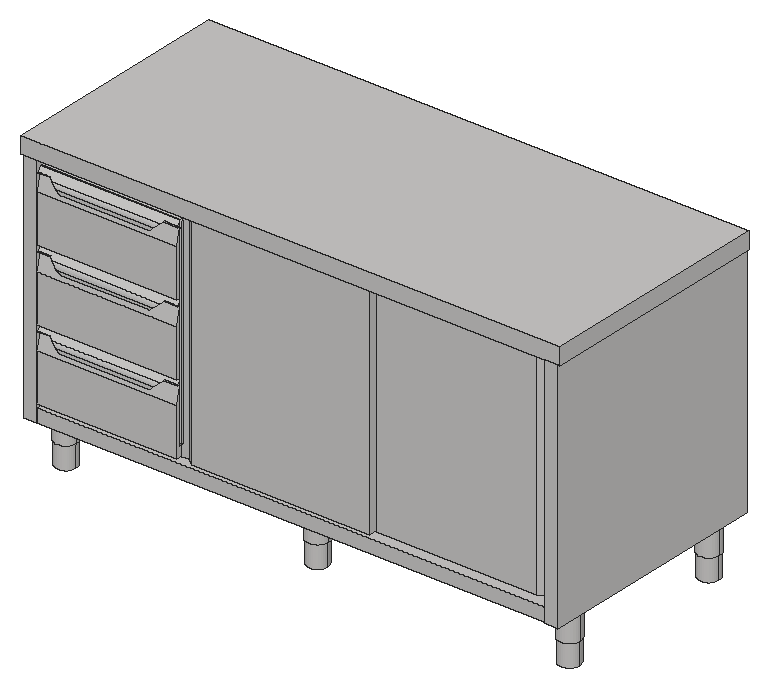
Revit family "QF_ZANUSSI_133262_MTA1600SXPN", category Attrezzature speciali, Revit 2020
Family settings
  Quota connettore circolare = Usa diametro
  Tipo di parte = Normale
  Basato su piano di lavoro = No
  Sempre verticale = Sì
  Taglio con vuoti quando caricato = No
  Condiviso = No
  Punto di calcolo locali = No
Parameters (values of type "Standard")
  Weight = 70.00 kg
  Watts = 0 W
  Volts = 0 V
  URL Manufacturer = "http://www.zanussiprofessional.com"
  URL = "http://www.zanussiprofessional.com"
  Steam Supply Size = 0 mm
  Steam Supply Minimum Pressure = 0.0 Pa
  Steam Supply Maximum Pressure = 0.0 Pa
  Steam Consumption per Hour = 0
  Refrigeration Suction Line Size = 0.0 mm
  Refrigeration Liquid Line Size = 0.0 mm
  Refrigerant Compressor Remote = yes
  Prospetto di default = 0.0 mm
  Phase = 0
  Modello = "MTA1600SXPN"
  Produttore = "Zanussi"
  Length Actual = 1600.0 mm  # constant formula
  Item Number = "133262"
  Hot Water Size = 0 mm
  Height Actual = 900.0 mm  # constant formula
  HP = "0 HP"
  Gas Size = 0 mm
  Gas KW = 0
  Gas Input Pressure = 0 W
  Direct Waste Size = 0 mm
  Descrizione = "TABLE W/3 L/H DRAWERS+2 SLIDING D.1600MM"
  Depth Actual = 700.0 mm  # constant formula
  Cycle = 0 Hz
  Condensate Return Size = 0 mm
  Compressed Air Volume = 0.0 L/s
  Compressed Air Size = 0 mm
  Compressed Air Pressure = 0.0 Pa
  Cold Water Size = 0 mm
  Accessory = yes
Reference planes
  plane 1 "Center (Front/Back)": y = 0
  plane 2: z = 0
  plane 3 "BACK": y = 350
  plane 4 "FRONT": y = -350
  plane 5 "TOP": z = 900
  plane 6: y = 270
  plane 7: y = -247
  plane 8 "FEET": z = 150
  plane 9: y = -344.5
  plane 10 "BaseTop": z = 850
  plane 11: y = 344.5
  plane 12 "Center (Left/Right)": x = -200
  plane 13: x = 9
  plane 14 "Right": x = 600
  plane 15 "Left": x = -1000
  plane 16: x = 554
  plane 17: x = -954
  plane 18: x = 556.5
  plane 19: x = -538.5
  plane 20: x = 33.5
  plane 21: x = -15.5
  plane 22: x = 594.5
  plane 23: x = -536
  plane 24: x = -956.5
  plane 25: x = 547
  plane 26: x = -947
  plane 27: x = -994.5
Forms (mm)
  Extrusion 1, solid, material "QF_Finishes_Stainless Steel"
    sketch origin (-400, 0, 150) x (1, 0, 0) y (0, 1, 0)
      loop
        line (994.5, 350) -> (956.5, 350) -> (956.5, -350) -> (994.5, -350) -> (994.5, 350)
      loop
        line (-556.4, 350) -> (-594.5, 350) -> (-594.5, -344.5) -> (-556.4, -344.5) -> (-556.4, 350)
    from 0 to 700
  Extrusion 2, solid, material "QF_Finishes_Stainless Steel"
    sketch origin (-400, 0, 150) x (1, 0, 0) y (0, 1, 0)
      loop
        line (956.5, 347) -> (-556.5, 347) -> (-556.5, -344.5) -> (956.5, -344.5) -> (956.5, 347)
    from 0 to 40
  Extrusion 3, solid, material "QF_Finishes_Stainless Steel"
    sketch origin (-433, 0, 150) x (1, 0, 0) y (0, 1, 0)
      loop
        line (417.5, -324.5) -> (946.034, -324.5) -> (966.034, -307.5) -> (985, -307.5) -> (985, -315.812) -> (976.312, -324.5) -> (977.942, -326.129) -> (987, -317.071) -> (987, -304.5) -> (417.5, -304.5) -> (417.5, -324.5)
    from 700 to 50
  Extrusion 4, void
    sketch origin (-400, -350, 0) x (1, 0, 0) y (0, 0, -1)
      loop
        line (942.418, -247.973) -> (956.5, -229.369) -> (956.5, -191.4) -> (942.418, -191.4) -> (942.418, -247.973)
      loop
        line (942.418, -816.627) -> (942.418, -850) -> (956.5, -850) -> (956.5, -835.231) -> (942.418, -816.627)
    from 20.5 to 40.5
  Extrusion 5, solid, material "QF_Finishes_Stainless Steel"
    sketch origin (-400, 0, 150) x (1, 0, 0) y (0, 1, 0)
      loop
        line (-556.5, 350) -> (-556.5, 327) -> (956.5, 327) -> (956.5, 350) -> (-556.5, 350)
    from 700 to 40
  Extrusion 6, solid, material "QF_Finishes_Stainless Steel"
    sketch origin (9, 0, 0) x (0, 1, 0) y (0, 0, -1)
      loop
        line (-350, -900) -> (350, -900) -> (350, -850) -> (-350, -850) -> (-350, -900)
    from 1009 to -591
  Extrusion 7, solid, material "QF_Finishes_Stainless Steel"
    sketch origin (447, -20, 150) x (-1, 0, 0) y (0, -1, 0)
      loop
        line (413.5, 324.5) -> (413.5, 304.5) -> (983, 304.5) -> (983, 319.071) -> (975.942, 326.129) -> (974.312, 324.5) -> (981, 317.812) -> (981, 309.5) -> (964.034, 309.5) -> (944.034, 324.5) -> (413.5, 324.5)
    from 700 to 50
  Extrusion 8, void
    sketch origin (414, -350, 0) x (-1, 0, 0) y (0, 0, 1)
      loop
        line (940.418, 247.973) -> (940.418, 191.4) -> (952.5, 191.4) -> (952.5, 229.369) -> (940.418, 247.973)
      loop
        line (940.418, 816.627) -> (952.5, 835.231) -> (952.5, 850) -> (940.418, 850) -> (940.418, 816.627)
    from 2.49 to 20.5
  Extrusion 9, solid, material "QF_Finishes_Stainless Steel"
    sketch origin (0, 0, 850) x (-1, 0, 0) y (0, -1, 0)
      loop
        line (-556.5, 304.5) -> (-556.5, 299.5) -> (-554, 299.5) -> (-554, 304.5) -> (-556.5, 304.5)
    from 0 to -2
Cuts and joins
  Extrusion 4 cuts Extrusion 1
  Extrusion 4 cuts Extrusion 3
  Extrusion 4 cuts Extrusion 6
  Extrusion 8 cuts Extrusion 7
Lines and regions (mm)
  symbolic lines, style "SpecialityEquipment"
    curve 1: line (-1000, 350, 850) -> (600, 350, 850)
    curve 2: line (-1000, -350, 850) -> (-1000, 350, 850)
    curve 3: line (600, -350, 850) -> (-1000, -350, 850)
    curve 4: line (600, 350, 850) -> (600, -350, 850)
    curve 10: line (-1000, 337, 850) -> (600, 337, 850)
  symbolic lines, style "SpecialityEquipmentHiddenLines"
    curve 5: line (33.5, -324.5, 200) -> (33.5, -344.5, 200)
    curve 6: line (-431.5, -344.5, 850) -> (99.034, -344.5, 850)
    curve 7: line (99.034, -344.5, 850) -> (119.034, -329.5, 850)
    curve 8: line (119.034, -329.5, 850) -> (138, -329.5, 850)
    curve 9: line (138, -329.5, 850) -> (138, -324.5, 850)
    curve 11: line (554, -304.5, 850) -> (-15.5, -304.5, 850)
    curve 12: line (-15.5, -304.5, 850) -> (-15.5, -324.5, 850)
    curve 13: line (-536, -324.5, 850) -> (513.034, -324.5, 850)
    curve 14: line (513.034, -324.5, 850) -> (533.034, -309.5, 850)
    curve 15: line (533.034, -309.5, 850) -> (554, -309.5, 850)
    curve 16: line (554, -309.5, 850) -> (554, -304.5, 850)
    curve 17: line (-497.034, -344.5, 850) -> (-517.034, -329.5, 850)
    curve 18: line (-517.034, -329.5, 850) -> (-536, -329.5, 850)
    curve 19: line (-536, -329.5, 850) -> (-536, -324.5, 850)
Dimensions and locks
  plane 3 "BACK" to plane 4 "FRONT" = 700.0 mm
  equal spacing: plane 3 "BACK", plane 1 "Center (Front/Back)", plane 4 "FRONT"
  locked: plane 8 "FEET" to level at 150
  locked: plane 3 "BACK" to plane 6 at 80
  locked: plane 7 to plane 4 "FRONT" at 103
  plane 9 to plane 4 "FRONT" = 5.5 mm  (x2)
  plane 3 "BACK" to plane 11 = 5.5 mm
  locked: plane 5 "TOP" to level at 900
  plane 20 to plane 21 = 49.0 mm
  equal spacing: plane 20, plane 13, plane 21
  locked: plane 14 "Right" to plane 22 at 5.5
  locked: plane 22 to plane 18 at 38
  locked: plane 23 to plane 19 at 2.5
  equal spacing: plane 16, plane 13, plane 23
  locked: plane 16 to plane 23 at 1090
  locked: plane 14 "Right" to plane 15 "Left" at 1600
  locked: plane 25 to plane 22 at 47.5
  locked: plane 27 to plane 15 "Left" at 5.5
  locked: plane 24 to plane 27 at 38
  locked: plane 17 to plane 24 at 2.5
  locked: plane 27 to plane 26 at 47.5
  plane 14 "Right" to plane 15 "Left" = 1600.0 mm
  locked: plane 18 to plane 16 at 2.5
  aligned and locked: level to plane 2
  aligned and locked: Extrusion 1 to plane 18
  aligned and locked: plane 18 to Extrusion 2
  aligned and locked: Extrusion 3 to plane 21
  aligned and locked: nested 4 to nested 2
  aligned and locked: plane 18 to Extrusion 5
  aligned and locked: plane 14 "Right" to Extrusion 6
  aligned and locked: Extrusion 6 to plane 15 "Left"
  aligned and locked: plane 24 to Extrusion 2 sketch curve
  aligned and locked: nested 1 to plane 25
  aligned and locked: nested 3 to nested 1
  aligned and locked: nested 2 to plane 26
  aligned and locked: nested 6 to nested 5
  aligned and locked: plane 24 to Extrusion 5
  aligned and locked: curve 5 to cut or joined group of Extrusion 7, Extrusion 8
  aligned and locked: nested 7 to plane 17
Automatic sketch dimensions
  curve 5 to plane 9 = 0.0 mm
  plane 9 to curve 5 = 20.0 mm
  Extrusion 6 sketch curve to plane 4 "FRONT" = 0.0 mm
  Extrusion 6 sketch curve to plane 3 "BACK" = 0.0 mm
  Extrusion 6 sketch curve to plane 10 "BaseTop" = 0.0 mm
  Extrusion 7 sketch curve to plane 20 = 0.0 mm
  Extrusion 7 sketch curve to plane 9 = 0.0 mm  (x2)
  Extrusion 7 sketch curve to plane 23 = 0.0 mm
  Extrusion 7 sketch curve to plane 23 = 38.966 mm
  Extrusion 7 sketch curve to plane 23 = 18.966 mm
  Extrusion 7 sketch curve to plane 23 = 8.688 mm
  Extrusion 7 sketch curve to plane 9 = 1.629 mm
  Extrusion 7 sketch curve to Extrusion 7 sketch curve = 1.629 mm
  Extrusion 7 sketch curve to plane 23 = 2.0 mm
  plane 9 to Extrusion 7 sketch curve = 15.0 mm
  Extrusion 7 sketch curve to Extrusion 7 sketch curve = 5.0 mm
  Extrusion 8 sketch curve to plane 10 "BaseTop" = 0.0 mm
  plane 19 to Extrusion 8 sketch curve = 0.0 mm  (x2)
  Extrusion 8 sketch curve to plane 23 = 9.582 mm  (x2)
  Extrusion 8 sketch curve to Extrusion 8 sketch curve = 14.769 mm
  Extrusion 8 sketch curve to Extrusion 8 sketch curve = 18.604 mm  (x2)
  plane 8 "FEET" to Extrusion 8 sketch curve = 97.973 mm
  Extrusion 8 sketch curve to Extrusion 8 sketch curve = 37.969 mm
  curve 4 to plane 3 "BACK" = 0.0 mm
  curve 4 to plane 14 "Right" = 0.0 mm
  curve 16 to plane 16 = 0.0 mm
  curve 6 to plane 9 = 0.0 mm
  curve 12 to plane 21 = 0.0 mm
  curve 17 to plane 9 = 0.0 mm
  curve 18 to plane 23 = 0.0 mm
  curve 3 to plane 4 "FRONT" = 0.0 mm
  curve 3 to plane 15 "Left" = 0.0 mm
  plane 25 to curve 14 = 13.966 mm
  curve 14 to curve 13 = 20.0 mm
  plane 9 to curve 8 = 15.0 mm
  curve 8 to plane 20 = 104.5 mm
  curve 8 to curve 8 = 18.966 mm
  curve 7 to curve 6 = 20.0 mm
  curve 18 to curve 18 = 18.966 mm
  plane 9 to curve 11 = 40.0 mm
  curve 11 to curve 16 = 5.0 mm
  plane 9 to curve 13 = 20.0 mm
  curve 13 to curve 19 = 5.0 mm
  curve 6 to curve 17 = 85.534 mm
  curve 17 to curve 17 = 20.0 mm
  curve 10 to plane 11 = 7.5 mm
  Extrusion 1 sketch curve to plane 9 = 0.0 mm
  Extrusion 1 sketch curve to plane 27 = 0.0 mm
  Extrusion 1 sketch curve to plane 3 "BACK" = 0.0 mm  (x2)
  Extrusion 1 sketch curve to plane 18 = 0.0 mm
  Extrusion 1 sketch curve to plane 4 "FRONT" = 0.0 mm
  Extrusion 1 sketch curve to plane 22 = 0.0 mm
  plane 24 to Extrusion 1 sketch curve = 0.1 mm
  Extrusion 2 sketch curve to plane 9 = 0.0 mm
  Extrusion 2 sketch curve to plane 18 = 0.0 mm
  plane 11 to Extrusion 2 sketch curve = 2.5 mm
  Extrusion 3 sketch curve to plane 21 = 0.0 mm
  Extrusion 3 sketch curve to plane 16 = 0.0 mm
  plane 25 to Extrusion 3 sketch curve = 33.966 mm
  plane 25 to Extrusion 3 sketch curve = 13.966 mm
  plane 25 to Extrusion 3 sketch curve = 3.688 mm
  plane 25 to Extrusion 3 sketch curve = 2.058 mm
  plane 16 to Extrusion 3 sketch curve = 2.0 mm
  plane 4 "FRONT" to Extrusion 3 sketch curve = 23.871 mm
  plane 9 to Extrusion 3 sketch curve = 20.0 mm
  Extrusion 3 sketch curve to Extrusion 3 sketch curve = 1.629 mm
  Extrusion 3 sketch curve to Extrusion 3 sketch curve = 8.312 mm
  Extrusion 3 sketch curve to Extrusion 3 sketch curve = 20.0 mm
  Extrusion 4 sketch curve to plane 10 "BaseTop" = 0.0 mm
  plane 18 to Extrusion 4 sketch curve = 0.0 mm  (x2)
  plane 25 to Extrusion 4 sketch curve = 4.582 mm  (x2)
  Extrusion 4 sketch curve to Extrusion 4 sketch curve = 14.769 mm
  Extrusion 4 sketch curve to Extrusion 4 sketch curve = 18.604 mm  (x2)
  plane 8 "FEET" to Extrusion 4 sketch curve = 97.973 mm
  Extrusion 4 sketch curve to Extrusion 4 sketch curve = 37.969 mm
  Extrusion 5 sketch curve to plane 3 "BACK" = 0.0 mm
  Extrusion 5 sketch curve to plane 24 = 0.0 mm
  Extrusion 5 sketch curve to plane 18 = 0.0 mm
  Extrusion 5 sketch curve to plane 11 = 17.5 mm
  Extrusion 9 sketch curve to plane 16 = 0.0 mm
  plane 18 to Extrusion 9 sketch curve = 0.0 mm
  plane 9 to Extrusion 9 sketch curve = 45.0 mm
  Extrusion 9 sketch curve to Extrusion 9 sketch curve = 5.0 mm
  Extrusion 6 sketch curve to plane 5 "TOP" = 0.0 mm
Nested families
  nested 1: "FEET_D60-150" at (547, -247, 0) x (-1, 0, 0) z (0, 0, 1), type "FEET_D60-150"
  nested 2: "FEET_D60-150" at (-947, -247, 0) x (-1, 0, 0) z (0, 0, 1), type "FEET_D60-150"
  nested 3: "FEET_D60-150" at (547, 270, 0) x (-1, 0, 0) z (0, 0, 1), type "FEET_D60-150"
  nested 4: "FEET_D60-150" at (-947, 270, 0) x (-1, 0, 0) z (0, 0, 1), type "FEET_D60-150"
  nested 5: "FEET_D60-150" at (-200, -247, 0) x (-1, 0, 0) z (0, 0, 1), type "FEET_D60-150"
  nested 6: "FEET_D60-150" at (-200, 270, 0) x (-1, 0, 0) z (0, 0, 1), type "FEET_D60-150"
  nested 7: "H637_600_3DRAWERS" at (-710.458, -304.5, 152) x (-1, 0, 0) z (0, -1, 0), type "H637_600_3DRAWERS"
    with Show Clearance yes
Definition of nested family "FEET_D60-150"
  Parameters
    Default Elevation = 0.0 mm
    FEET = 150.0 mm
  Reference planes
    plane 1 "Center (Front/Back)": y = 0
    plane 2: z = 0
    plane 3 "Center (Left/Right)": x = 0
    plane 4: z = 150
  Forms (mm)
    Extrusion 1, solid
      sketch origin (0, 0, 0) x (1, 0, 0) y (0, 1, 0)
        loop
          circle (0, 0) r 28
      from 0 to 67
    Revolve 2, solid
      sketch origin (0, 0, 0) x (1, 0, 0) y (0, 0, 1)
        loop
          line (0, 0) -> (0, 150) -> (-32.939, 150) -> (-32.939, 67) -> (-30, 67) -> (-30, 0) -> (0, 0)
        axis (0, 150) -> (0, 0)
      angle from 0 to 360
  Lines and regions (mm)
    symbolic lines
      curve 1: line (0, -1.503, 0) -> (0, 1.508, 0)
      curve 2: line (1.561, 0, 0) -> (-1.439, 0, 0)
  Dimensions and locks
    "FEET": plane 4 to plane 2
    aligned and locked: level to plane 2
  Automatic sketch dimensions
    plane 1 "Center (Front/Back)" to Extrusion 1 sketch curve = 0.0 mm
    Extrusion 1 sketch curve to plane 3 "Center (Left/Right)" = 0.0 mm
    plane 1 "Center (Front/Back)" to curve 2 = 0.0 mm
    curve 1 to plane 3 "Center (Left/Right)" = 0.0 mm
    curve 2 to plane 3 "Center (Left/Right)" = 1.439 mm
    plane 3 "Center (Left/Right)" to curve 2 = 1.561 mm
    plane 1 "Center (Front/Back)" to curve 1 = 1.503 mm
    curve 1 to plane 1 "Center (Front/Back)" = 1.508 mm
    Revolve 2 sketch curve to plane 4 = 0.0 mm
    Revolve 2 sketch curve to level = 0.0 mm
    Revolve 2 sketch curve to plane 3 "Center (Left/Right)" = 0.0 mm  (x2)
    Revolve 2 sketch curve to plane 3 "Center (Left/Right)" = 30.0 mm
    Revolve 2 sketch curve to plane 3 "Center (Left/Right)" = 32.939 mm
    level to Revolve 2 sketch curve = 67.0 mm
    Revolve 2 sketch curve to level = 42.207 mm
    Revolve 2 sketch curve to Revolve 2 sketch curve = 10.0 mm
    radius of Extrusion 1 sketch curve = 28.0 mm
Definition of nested family "H637_600_3DRAWERS"
  Parameters
    Width = 419.0 mm
    Show Clearance [instance] = yes
    Model = "727995"
    Height = 700.0 mm
    Default Elevation = 0.0 mm
  Reference planes
    plane 1 "Center (Front/Back)": y = 0
    plane 2: z = 0
    plane 3 "Center (Left/Right)": x = 36.042
    plane 4 "panel": z = 25
    plane 5 "Left": x = -173.458
    plane 6 "Right": x = 245.542
    plane 7: y = 700
    plane 8: z = 45
    plane 9: x = 243.542
    plane 10: x = -171.458
    plane 11: y = 676
    plane 12: y = 38
    plane 13: z = 499.734
    plane 14: y = 470
    plane 15: y = 465
    plane 16: y = 259
    plane 17: y = 254
    plane 18: y = 48
  Forms (mm)
    Extrusion 1, solid
      sketch origin (0, -919.2, 0) x (1, 0, 0) y (0, 1, 0)
        loop
          line (-980.5, 2119.2) -> (-980.5, -162.846) -> (881.94, -162.846) -> (881.94, 2119.2) -> (-980.5, 2119.2)
      from 0 to -59.546
    Extrusion 2, solid
      sketch origin (36.042, -645.693, 0) x (0, 1, 0) y (0, 0, 1)
        loop
          line (856.63, 49.734) -> (856.63, 47.734) -> (866.98, 47.734)
          arc (866.98, 47.734) -> (873.586, 46.42) -> (879.186, 42.679) r 17.261
          line (879.186, 42.679) -> (896.019, 25.845) -> (899.693, 25) -> (880.6, 44.093)
          arc (880.6, 44.093) -> (874.351, 48.268) -> (866.98, 49.734) r 19.261
          line (866.98, 49.734) -> (856.63, 49.734)
      from -207.5 to 207.5
    Extrusion 3, solid, detail levels coarse
      sketch origin (0, 0, 0) x (1, 0, 0) y (0, 0, 1)
        loop
          line (-171.458, 40) -> (243.542, 40) -> (243.542, 499.734) -> (-171.458, 499.734) -> (-171.458, 40)
      from -48 to -254
    Extrusion 4, solid
      sketch origin (36.042, -616, 0) x (0, 1, 0) y (0, 0, 1)
        loop
          line (664.4, 40) -> (664.4, 0) -> (870, 0) -> (870, 25) -> (804.797, 40) -> (664.4, 40)
      from 207.5 to -207.5
    Extrusion 5, void
      sketch origin (0, 0, 0) x (1, 0, 0) y (0, 1, 0)
        loop
          line (-99.744, 213.799) -> (-133.705, 243.322) -> (-166.458, 243.322)
          arc (-166.458, 243.322) -> (-169.994, 244.786) -> (-171.458, 248.322) r 5
          line (-171.458, 248.322) -> (-171.458, 210.937) -> (-91.403, 210.937)
          arc (-91.403, 210.937) -> (-95.762, 211.819) -> (-99.744, 213.799) r 17.035
      from 36.678 to 53.74
    Extrusion 6, void
      sketch origin (72.084, 0, 0) x (-1, 0, 0) y (0, -1, 0)
        loop
          arc (-99.744, -213.799) -> (-95.762, -211.819) -> (-91.403, -210.937) r 17.035
          line (-91.403, -210.937) -> (-171.458, -210.937) -> (-171.458, -248.322)
          arc (-171.458, -248.322) -> (-169.994, -244.786) -> (-166.458, -243.322) r 5
          line (-166.458, -243.322) -> (-133.705, -243.322) -> (-99.744, -213.799)
      from 36.678 to 53.74
    Extrusion 7, solid
      sketch origin (36.042, -434.693, 0) x (0, 1, 0) y (0, 0, 1)
        loop
          line (856.63, 49.734) -> (856.63, 47.734) -> (866.98, 47.734)
          arc (866.98, 47.734) -> (873.586, 46.42) -> (879.186, 42.679) r 17.261
          line (879.186, 42.679) -> (896.019, 25.845) -> (899.693, 25) -> (880.6, 44.093)
          arc (880.6, 44.093) -> (874.351, 48.268) -> (866.98, 49.734) r 19.261
          line (866.98, 49.734) -> (856.63, 49.734)
      from -207.5 to 207.5
    Extrusion 8, solid
      sketch origin (36.042, -405, 0) x (0, 1, 0) y (0, 0, 1)
        loop
          line (664, 40) -> (664, 0) -> (870, 0) -> (870, 25) -> (804.797, 40) -> (664, 40)
      from 207.5 to -207.5
    Extrusion 9, void
      sketch origin (0, 211, 0) x (1, 0, 0) y (0, 1, 0)
        loop
          line (-99.744, 213.799) -> (-133.705, 243.322) -> (-166.458, 243.322)
          arc (-166.458, 243.322) -> (-169.994, 244.786) -> (-171.458, 248.322) r 5
          line (-171.458, 248.322) -> (-171.458, 210.937) -> (-91.403, 210.937)
          arc (-91.403, 210.937) -> (-95.762, 211.819) -> (-99.744, 213.799) r 17.035
      from 36.678 to 53.74
    Extrusion 10, void
      sketch origin (72.084, 211, 0) x (-1, 0, 0) y (0, -1, 0)
        loop
          arc (-99.744, -213.799) -> (-95.762, -211.819) -> (-91.403, -210.937) r 17.035
          line (-91.403, -210.937) -> (-171.458, -210.937) -> (-171.458, -248.322)
          arc (-171.458, -248.322) -> (-169.994, -244.786) -> (-166.458, -243.322) r 5
          line (-166.458, -243.322) -> (-133.705, -243.322) -> (-99.744, -213.799)
      from 36.678 to 53.74
    Extrusion 11, solid
      sketch origin (36.042, -223.693, 0) x (0, 1, 0) y (0, 0, 1)
        loop
          line (856.63, 49.734) -> (856.63, 47.734) -> (866.98, 47.734)
          arc (866.98, 47.734) -> (873.586, 46.42) -> (879.186, 42.679) r 17.261
          line (879.186, 42.679) -> (896.019, 25.845) -> (899.693, 25) -> (880.6, 44.093)
          arc (880.6, 44.093) -> (874.351, 48.268) -> (866.98, 49.734) r 19.261
          line (866.98, 49.734) -> (856.63, 49.734)
      from -207.5 to 207.5
    Extrusion 12, solid
      sketch origin (36.042, -194, 0) x (0, 1, 0) y (0, 0, 1)
        loop
          line (664, 40) -> (664, 0) -> (870, 0) -> (870, 25) -> (804.797, 40) -> (664, 40)
      from 207.5 to -207.5
    Extrusion 13, void
      sketch origin (0, 422, 0) x (1, 0, 0) y (0, 1, 0)
        loop
          line (-99.744, 213.799) -> (-133.705, 243.322) -> (-166.458, 243.322)
          arc (-166.458, 243.322) -> (-169.994, 244.786) -> (-171.458, 248.322) r 5
          line (-171.458, 248.322) -> (-171.458, 210.937) -> (-91.403, 210.937)
          arc (-91.403, 210.937) -> (-95.762, 211.819) -> (-99.744, 213.799) r 17.035
      from 36.678 to 53.74
    Extrusion 14, void
      sketch origin (72.084, 422, 0) x (-1, 0, 0) y (0, -1, 0)
        loop
          arc (-99.744, -213.799) -> (-95.762, -211.819) -> (-91.403, -210.937) r 17.035
          line (-91.403, -210.937) -> (-171.458, -210.937) -> (-171.458, -248.322)
          arc (-171.458, -248.322) -> (-169.994, -244.786) -> (-166.458, -243.322) r 5
          line (-166.458, -243.322) -> (-133.705, -243.322) -> (-99.744, -213.799)
      from 36.678 to 53.74
    Extrusion 15, solid, detail levels coarse
      sketch origin (0, 0, 0) x (1, 0, 0) y (0, 0, 1)
        loop
          line (-171.458, 40) -> (243.542, 40) -> (243.542, 499.734) -> (-171.458, 499.734) -> (-171.458, 40)
      from -259 to -465
    Extrusion 16, solid, detail levels coarse
      sketch origin (0, 0, 0) x (1, 0, 0) y (0, 0, 1)
        loop
          line (-171.458, 40) -> (243.542, 40) -> (243.542, 499.734) -> (-171.458, 499.734) -> (-171.458, 40)
      from -470 to -676
  Cuts and joins
    Extrusion 5, Extrusion 6, Extrusion 9, Extrusion 10 cuts Extrusion 2
    Extrusion 5 cuts Extrusion 4
    Extrusion 9, Extrusion 10, Extrusion 13, Extrusion 14 cuts Extrusion 7
    Extrusion 13, Extrusion 14 cuts Extrusion 11
  Lines and regions (mm)
    symbolic lines
      curve 1: line (243.542, 0, 179.734) -> (243.542, 0, 199.734)
      curve 2: line (212.235, 0, 49.734) -> (-171.458, 0, 49.734)
      curve 3: spline (231.959, 0, 44.389) -> (230.421, 0, 45.265) -> (228.856, 0, 46.066) -> (227.265, 0, 46.791) -> (225.651, 0, 47.437) -> (224.017, 0, 48.005) -> (222.365, 0, 48.493) -> (220.698, 0, 48.9) -> (219.019, 0, 49.226) -> (217.331, 0, 49.471) -> (215.636, 0, 49.633) -> (213.936, 0, 49.712) -> (212.236, 0, 49.71)
      curve 4: line (238.456, 0, 40) -> (231.959, 0, 44.389)
      curve 5: line (243.542, 0, 500) -> (-171.458, 0, 500)
      curve 6: line (243.542, 0, 349.734) -> (-171.458, 0, 349.734)
      curve 7: line (243.542, 0, 199.734) -> (-171.458, 0, 199.734)
      curve 8: line (243.542, 0, 480) -> (-171.458, 0, 480)
      curve 9: line (243.542, 0, 329.734) -> (-171.458, 0, 329.734)
      curve 10: line (243.542, 0, 179.734) -> (-171.458, 0, 179.734)
      curve 11: line (-156.458, 0, 49.734) -> (-156.458, 0, 179.734)
      curve 12: line (-156.458, 0, 349.734) -> (-156.458, 0, 480)
      curve 13: line (-156.458, 0, 199.734) -> (-156.458, 0, 329.734)
      curve 14: line (228.542, 0, 49.734) -> (228.542, 0, 179.734)
      curve 15: line (228.542, 0, 349.734) -> (228.542, 0, 480)
      curve 16: line (228.542, 0, 199.734) -> (228.542, 0, 329.734)
      curve 17: line (243.542, 0, 480) -> (243.542, 0, 500)
      curve 18: line (243.542, 0, 329.734) -> (243.542, 0, 349.734)
      curve 19: line (-171.458, 0, 179.734) -> (-171.458, 0, 199.734)
      curve 20: line (-171.458, 0, 480) -> (-171.458, 0, 500)
      curve 21: line (-171.458, 0, 329.734) -> (-171.458, 0, 349.734)
  Dimensions and locks
    plane 4 "panel" to level = 25.0 mm
    "Width": plane 5 "Left" to plane 6 "Right"
    equal spacing: plane 5 "Left", plane 3 "Center (Left/Right)", plane 6 "Right"
    "Height": plane 1 "Center (Front/Back)" to plane 7
    plane 9 to plane 6 "Right" = 2.0 mm
    plane 5 "Left" to plane 10 = 2.0 mm
    plane 7 to plane 11 = 24.0 mm
    plane 1 "Center (Front/Back)" to plane 12 = 38.0 mm
    plane 10 to plane 9 = 415.0 mm
    plane 11 to plane 14 = 206.0 mm
    locked: plane 14 to plane 15 at 5
    plane 15 to plane 16 = 206.0 mm
    locked: plane 16 to plane 17 at 5
    plane 17 to plane 18 = 206.0 mm  (x2)
    plane 16 to plane 17 = 5.0 mm
    plane 14 to plane 15 = 5.0 mm
    plane 16 to plane 15 = 206.0 mm
    plane 14 to plane 11 = 206.0 mm
    aligned and locked: plane 2 to Extrusion 1
    aligned and locked: level to Extrusion 1
    aligned and locked: plane 9 to Extrusion 4
    aligned and locked: plane 10 to Extrusion 4
  Automatic sketch dimensions
    Extrusion 1 sketch curve to Extrusion 1 sketch curve = 1862.44 mm
    Extrusion 1 sketch curve to Extrusion 1 sketch curve = 2282.046 mm
    Extrusion 2 sketch curve to Extrusion 2 sketch curve = 0.0 mm  (x2)
    Extrusion 2 sketch curve to plane 4 "panel" = 0.0 mm
    Extrusion 2 sketch curve to plane 17 = 0.0 mm
    plane 4 "panel" to Extrusion 2 sketch curve = 0.845 mm
    Extrusion 2 sketch curve to plane 17 = 3.674 mm
    Extrusion 2 sketch curve to plane 8 = 0.907 mm
    Extrusion 2 sketch curve to plane 17 = 19.093 mm
    Extrusion 2 sketch curve to plane 8 = 2.321 mm
    Extrusion 2 sketch curve to Extrusion 2 sketch curve = 1.414 mm
    plane 4 "panel" to Extrusion 2 sketch curve = 5.474 mm
    Extrusion 2 sketch curve to Extrusion 2 sketch curve = 12.205 mm
    Extrusion 2 sketch curve to Extrusion 2 sketch curve = 10.351 mm
    Extrusion 4 sketch curve to level = 0.0 mm
    Extrusion 4 sketch curve to plane 4 "panel" = 0.0 mm
    Extrusion 4 sketch curve to plane 17 = 0.0 mm
    Extrusion 4 sketch curve to plane 8 = 5.0 mm
    Extrusion 4 sketch curve to plane 17 = 65.203 mm
    plane 18 to Extrusion 4 sketch curve = 0.4 mm
    Extrusion 7 sketch curve to Extrusion 7 sketch curve = 0.0 mm  (x2)
    Extrusion 7 sketch curve to plane 4 "panel" = 0.0 mm
    Extrusion 7 sketch curve to plane 15 = 0.0 mm
    plane 4 "panel" to Extrusion 7 sketch curve = 0.845 mm
    Extrusion 7 sketch curve to plane 15 = 3.674 mm
    Extrusion 7 sketch curve to plane 8 = 0.907 mm
    Extrusion 7 sketch curve to plane 15 = 19.093 mm
    Extrusion 7 sketch curve to plane 8 = 2.321 mm
    Extrusion 7 sketch curve to Extrusion 7 sketch curve = 1.414 mm
    plane 4 "panel" to Extrusion 7 sketch curve = 5.474 mm
    Extrusion 7 sketch curve to Extrusion 7 sketch curve = 12.205 mm
    Extrusion 7 sketch curve to Extrusion 7 sketch curve = 10.351 mm
    Extrusion 8 sketch curve to plane 16 = 0.0 mm
    Extrusion 8 sketch curve to plane 4 "panel" = 0.0 mm
    Extrusion 8 sketch curve to plane 15 = 0.0 mm
    Extrusion 8 sketch curve to level = 0.0 mm
    Extrusion 8 sketch curve to plane 8 = 5.0 mm
    Extrusion 8 sketch curve to plane 15 = 65.203 mm
    Extrusion 11 sketch curve to Extrusion 11 sketch curve = 0.0 mm  (x2)
    Extrusion 11 sketch curve to plane 4 "panel" = 0.0 mm
    Extrusion 11 sketch curve to plane 11 = 0.0 mm
    plane 4 "panel" to Extrusion 11 sketch curve = 0.845 mm
    Extrusion 11 sketch curve to plane 11 = 3.674 mm
    Extrusion 11 sketch curve to plane 8 = 0.907 mm
    Extrusion 11 sketch curve to plane 11 = 19.093 mm
    Extrusion 11 sketch curve to plane 8 = 2.321 mm
    Extrusion 11 sketch curve to Extrusion 11 sketch curve = 1.414 mm
    plane 4 "panel" to Extrusion 11 sketch curve = 5.474 mm
    Extrusion 11 sketch curve to Extrusion 11 sketch curve = 12.205 mm
    Extrusion 11 sketch curve to Extrusion 11 sketch curve = 10.351 mm
    Extrusion 12 sketch curve to plane 14 = 0.0 mm
    Extrusion 12 sketch curve to plane 4 "panel" = 0.0 mm
    Extrusion 12 sketch curve to plane 11 = 0.0 mm
    Extrusion 12 sketch curve to level = 0.0 mm
    Extrusion 12 sketch curve to plane 8 = 5.0 mm
    Extrusion 12 sketch curve to plane 11 = 65.203 mm
    plane 10 to curve 21 = 0.0 mm
    plane 10 to curve 20 = 0.0 mm
    plane 10 to curve 2 = 0.0 mm
    plane 10 to curve 19 = 0.0 mm
    curve 6 to plane 9 = 0.0 mm
    curve 7 to plane 9 = 0.0 mm
    curve 17 to plane 9 = 0.0 mm
    curve 4 to plane 8 = 0.611 mm
    curve 4 to plane 9 = 11.583 mm
    plane 8 to curve 19 = 134.734 mm
    curve 19 to curve 19 = 20.0 mm
    curve 1 to curve 18 = 130.0 mm
    curve 9 to curve 18 = 20.0 mm
    plane 13 to curve 17 = 19.734 mm
    curve 20 to plane 13 = 0.266 mm
    plane 8 to curve 11 = 4.734 mm
    curve 11 to plane 10 = 15.0 mm
    curve 21 to curve 12 = 15.0 mm
    curve 19 to curve 13 = 15.0 mm
    curve 2 to curve 3 = 19.723 mm
    curve 2 to curve 3 = 0.0 mm
    curve 3 to level = 1.281 mm
    curve 3 to plane 6 "Right" = 32.398 mm
    curve 15 to curve 6 = 15.0 mm
    curve 14 to curve 1 = 15.0 mm
    curve 16 to curve 1 = 15.0 mm
    curve 4 to plane 9 = 5.086 mm
    curve 4 to plane 8 = 5.0 mm
    curve 3 to curve 2 = 0.025 mm
    plane 8 to curve 14 = 4.734 mm
    plane 10 to Extrusion 3 sketch curve = 0.0 mm
    Extrusion 3 sketch curve to plane 9 = 0.0 mm
    Extrusion 3 sketch curve to plane 13 = 0.0 mm
    Extrusion 3 sketch curve to plane 8 = 5.0 mm
    Extrusion 5 sketch curve to plane 10 = 0.0 mm
    Extrusion 5 sketch curve to plane 10 = 5.0 mm
    Extrusion 5 sketch curve to plane 17 = 10.678 mm
    Extrusion 5 sketch curve to Extrusion 5 sketch curve = 32.753 mm
    Extrusion 5 sketch curve to Extrusion 5 sketch curve = 33.961 mm
    Extrusion 5 sketch curve to Extrusion 5 sketch curve = 8.34 mm
    Extrusion 5 sketch curve to Extrusion 5 sketch curve = 9.511 mm
    Extrusion 5 sketch curve to plane 17 = 26.068 mm
    Extrusion 5 sketch curve to Extrusion 5 sketch curve = 14.132 mm
    Extrusion 6 sketch curve to plane 9 = 0.0 mm
    plane 9 to Extrusion 6 sketch curve = 5.0 mm
    plane 17 to Extrusion 6 sketch curve = 10.678 mm
    Extrusion 6 sketch curve to Extrusion 6 sketch curve = 32.753 mm
    Extrusion 6 sketch curve to Extrusion 6 sketch curve = 33.961 mm
    Extrusion 6 sketch curve to Extrusion 6 sketch curve = 8.34 mm
    Extrusion 6 sketch curve to Extrusion 6 sketch curve = 1.171 mm
    plane 17 to Extrusion 6 sketch curve = 26.068 mm
    Extrusion 6 sketch curve to Extrusion 6 sketch curve = 14.132 mm
    Extrusion 9 sketch curve to plane 10 = 0.0 mm
    Extrusion 9 sketch curve to plane 10 = 5.0 mm
    Extrusion 9 sketch curve to plane 15 = 10.678 mm
    Extrusion 9 sketch curve to Extrusion 9 sketch curve = 32.753 mm
    Extrusion 9 sketch curve to Extrusion 9 sketch curve = 33.961 mm
    Extrusion 9 sketch curve to Extrusion 9 sketch curve = 8.34 mm
    Extrusion 9 sketch curve to Extrusion 9 sketch curve = 9.511 mm
    Extrusion 9 sketch curve to plane 15 = 26.068 mm
    Extrusion 9 sketch curve to Extrusion 9 sketch curve = 14.132 mm
    Extrusion 10 sketch curve to plane 9 = 0.0 mm
    plane 9 to Extrusion 10 sketch curve = 5.0 mm
    plane 15 to Extrusion 10 sketch curve = 10.678 mm
    Extrusion 10 sketch curve to Extrusion 10 sketch curve = 32.753 mm
    Extrusion 10 sketch curve to Extrusion 10 sketch curve = 33.961 mm
    Extrusion 10 sketch curve to Extrusion 10 sketch curve = 8.34 mm
    Extrusion 10 sketch curve to Extrusion 10 sketch curve = 1.171 mm
    plane 15 to Extrusion 10 sketch curve = 26.068 mm
    Extrusion 10 sketch curve to Extrusion 10 sketch curve = 14.132 mm
    Extrusion 13 sketch curve to plane 10 = 0.0 mm
    Extrusion 13 sketch curve to plane 10 = 5.0 mm
    Extrusion 13 sketch curve to plane 11 = 10.678 mm
    Extrusion 13 sketch curve to Extrusion 13 sketch curve = 32.753 mm
    Extrusion 13 sketch curve to Extrusion 13 sketch curve = 33.961 mm
    Extrusion 13 sketch curve to Extrusion 13 sketch curve = 8.34 mm
    Extrusion 13 sketch curve to Extrusion 13 sketch curve = 9.511 mm
    Extrusion 13 sketch curve to plane 11 = 26.068 mm
    Extrusion 13 sketch curve to Extrusion 13 sketch curve = 14.132 mm
    Extrusion 14 sketch curve to plane 9 = 0.0 mm
    plane 9 to Extrusion 14 sketch curve = 5.0 mm
    plane 11 to Extrusion 14 sketch curve = 10.678 mm
    Extrusion 14 sketch curve to Extrusion 14 sketch curve = 32.753 mm
    Extrusion 14 sketch curve to Extrusion 14 sketch curve = 33.961 mm
    Extrusion 14 sketch curve to Extrusion 14 sketch curve = 8.34 mm
    Extrusion 14 sketch curve to Extrusion 14 sketch curve = 1.171 mm
    plane 11 to Extrusion 14 sketch curve = 26.068 mm
    Extrusion 14 sketch curve to Extrusion 14 sketch curve = 14.132 mm
    plane 10 to Extrusion 15 sketch curve = 0.0 mm
    Extrusion 15 sketch curve to plane 9 = 0.0 mm
    Extrusion 15 sketch curve to plane 8 = 5.0 mm
    plane 13 to Extrusion 15 sketch curve = 0.0 mm
    plane 10 to Extrusion 16 sketch curve = 0.0 mm
    Extrusion 16 sketch curve to plane 9 = 0.0 mm
    Extrusion 16 sketch curve to plane 8 = 5.0 mm
    plane 8 to Extrusion 16 sketch curve = 454.734 mm
